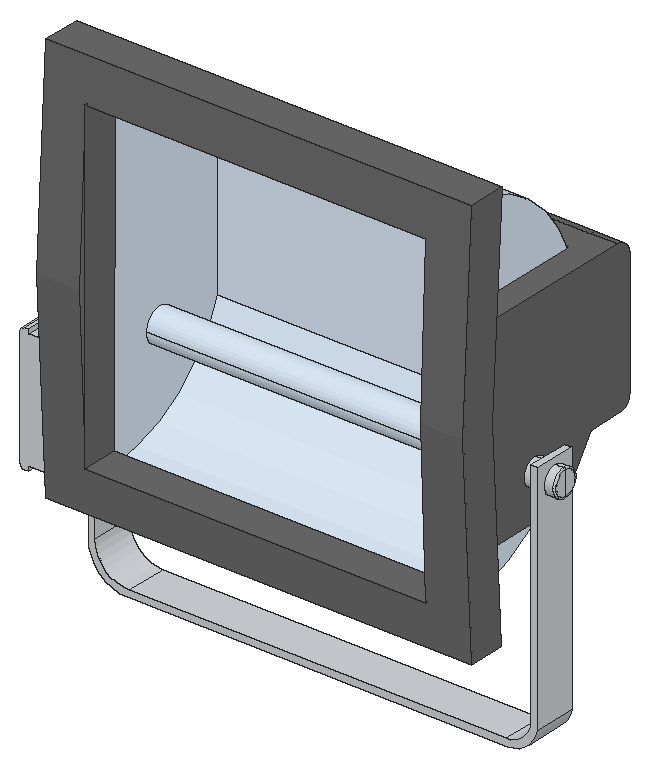
Revit family "Lighting-Proiezione-GEWISS-COLOSSEUM-PROIETTORI_OTTICA_SIMMETRICA", category Apparecchi per illuminazione, host Superficie, Revit 2019 (continued)
Definition of nested family "2D - COLOSSEUM - FRONTE"
  Lines and regions (mm)
    model lines, in view "Livello rif."
      curve 33: line (-266.551, 116.023, 0) -> (-266.503, 116.424, 0)
      curve 34: line (-266.503, 116.424, 0) -> (-266.487, 116.834, 0)
      curve 35: line (-266.487, 116.834, 0) -> (-266.487, 246.717, 0)
      curve 36: line (-266.487, 246.717, 0) -> (-266.616, 247.127, 0)
      curve 37: line (-266.616, 247.127, 0) -> (-266.664, 247.528, 0)
      curve 38: line (-266.664, 247.528, 0) -> (-266.742, 247.919, 0)
      curve 39: line (-266.742, 247.919, 0) -> (-266.849, 248.297, 0)
      curve 40: line (-266.849, 248.297, 0) -> (-266.984, 248.664, 0)
      curve 41: line (-266.984, 248.664, 0) -> (-267.145, 249.015, 0)
      curve 42: line (-267.145, 249.015, 0) -> (-267.332, 249.351, 0)
      curve 43: line (-267.332, 249.351, 0) -> (-267.543, 249.67, 0)
      curve 44: line (-267.543, 249.67, 0) -> (-267.776, 249.971, 0)
      curve 45: line (-267.776, 249.971, 0) -> (-268.031, 250.253, 0)
      curve 46: line (-268.031, 250.253, 0) -> (-268.306, 250.514, 0)
      curve 47: line (-268.306, 250.514, 0) -> (-268.6, 250.753, 0)
      curve 48: line (-268.6, 250.753, 0) -> (-268.912, 250.969, 0)
      curve 49: line (-268.912, 250.969, 0) -> (-269.24, 251.16, 0)
      curve 50: line (-269.24, 251.16, 0) -> (-269.584, 251.325, 0)
      curve 51: line (-269.584, 251.325, 0) -> (-269.941, 251.463, 0)
      curve 52: line (-269.941, 251.463, 0) -> (-270.311, 251.573, 0)
      curve 53: line (-270.311, 251.573, 0) -> (-270.693, 251.652, 0)
      curve 54: line (-270.693, 251.652, 0) -> (-271.085, 251.701, 0)
      curve 55: line (-271.085, 251.701, 0) -> (-271.485, 251.718, 0)
      curve 142: line (-192.974, 564.418, 0) -> (-192.974, 179.295, 0)
      curve 143: line (-192.974, 179.295, 0) -> (-192.942, 178.475, 0)
      curve 144: line (-192.942, 178.475, 0) -> (-192.847, 177.672, 0)
      curve 145: line (-192.847, 177.672, 0) -> (-192.691, 176.891, 0)
      curve 146: line (-192.691, 176.891, 0) -> (-192.477, 176.134, 0)
      curve 147: line (-192.477, 176.134, 0) -> (-192.207, 175.402, 0)
      curve 148: line (-192.207, 175.402, 0) -> (-191.884, 174.698, 0)
      curve 149: line (-191.884, 174.698, 0) -> (-191.511, 174.026, 0)
      curve 150: line (-191.511, 174.026, 0) -> (-191.09, 173.388, 0)
      curve 151: line (-191.09, 173.388, 0) -> (-190.623, 172.785, 0)
      curve 152: line (-190.623, 172.785, 0) -> (-190.113, 172.222, 0)
      curve 153: line (-190.113, 172.222, 0) -> (-189.563, 171.7, 0)
      curve 154: line (-189.563, 171.7, 0) -> (-188.974, 171.222, 0)
      curve 155: line (-188.974, 171.222, 0) -> (-188.351, 170.791, 0)
      curve 156: line (-188.351, 170.791, 0) -> (-187.694, 170.409, 0)
      curve 157: line (-187.694, 170.409, 0) -> (-187.007, 170.078, 0)
      curve 158: line (-187.007, 170.078, 0) -> (-186.292, 169.802, 0)
      curve 159: line (-186.292, 169.802, 0) -> (-185.552, 169.583, 0)
      curve 160: line (-185.552, 169.583, 0) -> (-184.788, 169.423, 0)
      curve 161: line (-184.788, 169.423, 0) -> (-184.005, 169.326, 0)
      curve 162: line (-184.005, 169.326, 0) -> (-183.203, 169.292, 0)
      curve 163: line (-183.203, 169.292, 0) -> (207.631, 169.292, 0)
      curve 164: line (207.631, 169.292, 0) -> (-183.203, 169.292, 0)
      curve 325: line (-276.247, 300.33, 0) -> (-276.408, 300.323, 0)
      curve 326: line (-278.176, 298.654, 0) -> (-278.195, 298.493, 0)
      curve 327: line (-278.195, 298.493, 0) -> (-278.201, 298.329, 0)
      curve 328: line (-278.201, 300.33, 0) -> (-278.201, 268.32, 0)
      curve 329: line (-278.201, 270.321, 0) -> (-278.195, 270.157, 0)
      curve 330: line (-278.195, 270.157, 0) -> (-278.176, 269.997, 0)
      curve 331: line (-276.408, 268.327, 0) -> (-276.247, 268.32, 0)
      curve 412: line (265.5, 306.831, 0) -> (265.5, 268.32, 0)
      curve 413: line (257.683, 316.834, 0) -> (257.683, 251.816, 0)
      curve 498: line (207.631, 169.292, 0) -> (208.433, 169.326, 0)
      curve 499: line (208.433, 169.326, 0) -> (209.216, 169.423, 0)
      curve 500: line (209.216, 169.423, 0) -> (209.979, 169.583, 0)
      curve 501: line (209.979, 169.583, 0) -> (210.72, 169.802, 0)
      curve 502: line (210.72, 169.802, 0) -> (211.435, 170.078, 0)
      curve 503: line (211.435, 170.078, 0) -> (212.122, 170.409, 0)
      curve 504: line (212.122, 170.409, 0) -> (212.778, 170.791, 0)
      curve 505: line (212.778, 170.791, 0) -> (213.402, 171.222, 0)
      curve 506: line (213.402, 171.222, 0) -> (213.99, 171.7, 0)
      curve 507: line (213.99, 171.7, 0) -> (214.54, 172.222, 0)
      curve 508: line (214.54, 172.222, 0) -> (215.05, 172.785, 0)
      curve 509: line (215.05, 172.785, 0) -> (215.517, 173.388, 0)
      curve 510: line (215.517, 173.388, 0) -> (215.938, 174.026, 0)
      curve 511: line (215.938, 174.026, 0) -> (216.312, 174.698, 0)
      curve 512: line (216.312, 174.698, 0) -> (216.634, 175.402, 0)
      curve 513: line (216.634, 175.402, 0) -> (216.904, 176.134, 0)
      curve 514: line (216.904, 176.134, 0) -> (217.118, 176.891, 0)
      curve 515: line (217.118, 176.891, 0) -> (217.274, 177.672, 0)
      curve 516: line (217.274, 177.672, 0) -> (217.37, 178.475, 0)
      curve 517: line (217.37, 178.475, 0) -> (217.402, 179.295, 0)
      curve 518: line (217.402, 179.295, 0) -> (217.402, 564.405, 0)
      curve 519: line (217.402, 564.405, 0) -> (217.37, 565.225, 0)
      curve 520: line (217.37, 565.225, 0) -> (217.274, 566.027, 0)
      curve 521: line (217.274, 566.027, 0) -> (217.118, 566.809, 0)
      curve 522: line (217.118, 566.809, 0) -> (216.904, 567.567, 0)
      curve 523: line (216.904, 567.567, 0) -> (216.634, 568.299, 0)
      curve 524: line (216.634, 568.299, 0) -> (216.312, 569.002, 0)
      curve 525: line (216.312, 569.002, 0) -> (215.938, 569.674, 0)
      curve 526: line (215.938, 569.674, 0) -> (215.517, 570.312, 0)
      curve 527: line (215.517, 570.312, 0) -> (215.05, 570.915, 0)
      curve 528: line (215.05, 570.915, 0) -> (214.54, 571.478, 0)
      curve 529: line (214.54, 571.478, 0) -> (213.99, 572, 0)
      curve 530: line (213.99, 572, 0) -> (213.402, 572.478, 0)
      curve 531: line (213.402, 572.478, 0) -> (212.778, 572.909, 0)
      curve 532: line (212.778, 572.909, 0) -> (212.122, 573.291, 0)
      curve 533: line (212.122, 573.291, 0) -> (211.435, 573.622, 0)
      curve 534: line (211.435, 573.622, 0) -> (210.72, 573.898, 0)
      curve 535: line (210.72, 573.898, 0) -> (209.979, 574.117, 0)
      curve 536: line (209.979, 574.117, 0) -> (209.216, 574.277, 0)
      curve 537: line (209.216, 574.277, 0) -> (208.433, 574.375, 0)
      curve 538: line (208.433, 574.375, 0) -> (207.631, 574.408, 0)
      curve 539: line (207.631, 574.408, 0) -> (-183.203, 574.408, 0)
      curve 540: line (-183.203, 574.408, 0) -> (-184.005, 574.375, 0)
      curve 541: line (-184.005, 574.375, 0) -> (-184.788, 574.277, 0)
      curve 542: line (-184.788, 574.277, 0) -> (-185.552, 574.117, 0)
      curve 543: line (-185.552, 574.117, 0) -> (-186.292, 573.898, 0)
      curve 544: line (-186.292, 573.898, 0) -> (-187.007, 573.622, 0)
      curve 545: line (-187.007, 573.622, 0) -> (-187.694, 573.291, 0)
      curve 546: line (-187.694, 573.291, 0) -> (-188.351, 572.909, 0)
      curve 547: line (-188.351, 572.909, 0) -> (-188.974, 572.478, 0)
      curve 548: line (-188.974, 572.478, 0) -> (-189.563, 572, 0)
      curve 549: line (-189.563, 572, 0) -> (-190.113, 571.478, 0)
      curve 550: line (-190.113, 571.478, 0) -> (-190.623, 570.915, 0)
      curve 551: line (-190.623, 570.915, 0) -> (-191.09, 570.312, 0)
      curve 552: line (-191.09, 570.312, 0) -> (-191.511, 569.674, 0)
      curve 553: line (-191.511, 569.674, 0) -> (-191.884, 569.002, 0)
      curve 554: line (-191.884, 569.002, 0) -> (-192.207, 568.299, 0)
      curve 555: line (-192.207, 568.299, 0) -> (-192.477, 567.567, 0)
      curve 556: line (-192.477, 567.567, 0) -> (-192.691, 566.809, 0)
      curve 557: line (-192.691, 566.809, 0) -> (-192.847, 566.027, 0)
      curve 558: line (-192.847, 566.027, 0) -> (-192.942, 565.225, 0)
      curve 559: line (-192.942, 565.225, 0) -> (-192.974, 564.418, 0)
      curve 560: line (278.175, 269.997, 0) -> (278.194, 270.157, 0)
      curve 561: line (278.194, 270.157, 0) -> (278.202, 270.321, 0)
      curve 562: line (278.202, 298.329, 0) -> (278.194, 298.493, 0)
      curve 563: line (278.194, 298.493, 0) -> (278.175, 298.654, 0)
      curve 564: line (276.407, 300.323, 0) -> (276.247, 300.329, 0)
      curve 645: line (-8.83, 394.839, 0) -> (11.849, 422.749, 0)
      curve 646: line (-20.057, 365.754, 0) -> (0.624, 393.664, 0)
      curve 647: line (-25.078, 386.318, 0) -> (-4.399, 414.228, 0)
      curve 648: line (8.6, 353.709, 0) -> (29.28, 381.619, 0)
      curve 649: line (25.735, 365.167, 0) -> (46.415, 393.076, 0)
    model lines, in view "Livello rif.", detail levels medium+fine
      curve 10: line (-306.549, 111.834, 0) -> (-306.549, 106.832, 0)
      curve 11: line (-306.549, 106.832, 0) -> (-280.168, 106.832, 0)
      curve 12: line (-306.549, 81.825, 0) -> (-280.168, 81.825, 0)
      curve 13: line (-305.082, 101.83, 0) -> (-281.632, 101.83, 0)
      curve 56: line (-298.848, 101.83, 0) -> (-298.848, 81.825, 0)
      curve 57: line (-287.867, 101.83, 0) -> (-287.867, 81.825, 0)
      curve 58: line (-293.358, 76.823, 0) -> (-293.358, 81.825, 0)
      curve 59: line (-293.358, 106.832, 0) -> (-293.358, 111.834, 0)
      curve 60: line (-159.265, 0, 0) -> (-159.265, 8.001, 0)
      curve 61: line (-172.944, 0, 0) -> (-172.944, 8.001, 0)
      curve 62: line (-142.333, 142.285, 0) -> (-142.399, 141.711, 0)
      curve 63: line (-142.399, 141.711, 0) -> (-142.589, 141.149, 0)
      curve 64: line (-142.589, 141.149, 0) -> (-142.893, 140.602, 0)
      curve 65: line (-142.893, 140.602, 0) -> (-143.301, 140.072, 0)
      curve 66: line (-143.301, 140.072, 0) -> (-143.802, 139.56, 0)
      curve 67: line (-143.802, 139.56, 0) -> (-144.387, 139.067, 0)
      curve 68: line (-144.387, 139.067, 0) -> (-145.044, 138.597, 0)
      curve 69: line (-145.044, 138.597, 0) -> (-145.763, 138.15, 0)
      curve 70: line (-145.763, 138.15, 0) -> (-146.535, 137.728, 0)
      curve 71: line (-146.535, 137.728, 0) -> (-147.348, 137.334, 0)
      curve 72: line (-147.348, 137.334, 0) -> (-148.193, 136.969, 0)
      curve 73: line (-148.193, 136.969, 0) -> (-149.059, 136.634, 0)
      curve 74: line (-149.059, 136.634, 0) -> (-149.935, 136.332, 0)
      curve 75: line (-149.935, 136.332, 0) -> (-150.813, 136.065, 0)
      curve 76: line (-150.813, 136.065, 0) -> (-151.68, 135.834, 0)
      curve 77: line (-151.68, 135.834, 0) -> (-152.527, 135.64, 0)
      curve 78: line (-152.527, 135.64, 0) -> (-153.344, 135.487, 0)
      curve 79: line (-153.344, 135.487, 0) -> (-154.12, 135.375, 0)
      curve 80: line (-154.12, 135.375, 0) -> (-154.844, 135.307, 0)
      curve 81: line (-154.844, 135.307, 0) -> (-155.507, 135.283, 0)
      curve 82: line (-155.507, 135.283, 0) -> (-156.165, 135.307, 0)
      curve 83: line (-156.165, 135.307, 0) -> (-156.872, 135.375, 0)
      curve 84: line (-156.872, 135.375, 0) -> (-157.622, 135.487, 0)
      curve 85: line (-157.622, 135.487, 0) -> (-158.404, 135.64, 0)
      curve 86: line (-158.404, 135.64, 0) -> (-159.209, 135.834, 0)
      curve 87: line (-159.209, 135.834, 0) -> (-160.029, 136.065, 0)
      curve 88: line (-160.029, 136.065, 0) -> (-160.854, 136.332, 0)
      curve 89: line (-160.854, 136.332, 0) -> (-161.674, 136.634, 0)
      curve 90: line (-161.674, 136.634, 0) -> (-162.482, 136.969, 0)
      curve 91: line (-162.482, 136.969, 0) -> (-163.267, 137.334, 0)
      curve 92: line (-163.267, 137.334, 0) -> (-164.02, 137.728, 0)
      curve 93: line (-164.02, 137.728, 0) -> (-164.733, 138.15, 0)
      curve 94: line (-164.733, 138.15, 0) -> (-165.397, 138.597, 0)
      curve 95: line (-165.397, 138.597, 0) -> (-166.001, 139.067, 0)
      curve 96: line (-166.001, 139.067, 0) -> (-166.538, 139.56, 0)
      curve 97: line (-166.538, 139.56, 0) -> (-166.997, 140.072, 0)
      curve 98: line (-166.997, 140.072, 0) -> (-167.371, 140.602, 0)
      curve 99: line (-167.371, 140.602, 0) -> (-167.648, 141.149, 0)
      curve 100: line (-167.648, 141.149, 0) -> (-167.822, 141.711, 0)
      curve 101: line (-167.822, 141.711, 0) -> (-167.882, 142.285, 0)
      curve 102: line (-167.882, 142.285, 0) -> (-167.822, 142.859, 0)
      curve 103: line (-167.822, 142.859, 0) -> (-167.648, 143.421, 0)
      curve 104: line (-167.648, 143.421, 0) -> (-167.371, 143.968, 0)
      curve 105: line (-167.371, 143.968, 0) -> (-166.997, 144.498, 0)
      curve 106: line (-166.997, 144.498, 0) -> (-166.538, 145.01, 0)
      curve 107: line (-166.538, 145.01, 0) -> (-166.001, 145.503, 0)
      curve 108: line (-166.001, 145.503, 0) -> (-165.397, 145.973, 0)
      curve 109: line (-165.397, 145.973, 0) -> (-164.733, 146.42, 0)
      curve 110: line (-164.733, 146.42, 0) -> (-164.02, 146.842, 0)
      curve 111: line (-164.02, 146.842, 0) -> (-163.267, 147.236, 0)
      curve 112: line (-163.267, 147.236, 0) -> (-162.482, 147.601, 0)
      curve 113: line (-162.482, 147.601, 0) -> (-161.674, 147.936, 0)
      curve 114: line (-161.674, 147.936, 0) -> (-160.854, 148.238, 0)
      curve 115: line (-160.854, 148.238, 0) -> (-160.029, 148.505, 0)
      curve 116: line (-160.029, 148.505, 0) -> (-159.209, 148.737, 0)
      curve 117: line (-159.209, 148.737, 0) -> (-158.404, 148.93, 0)
      curve 118: line (-158.404, 148.93, 0) -> (-157.622, 149.083, 0)
      curve 119: line (-157.622, 149.083, 0) -> (-156.872, 149.195, 0)
      curve 120: line (-156.872, 149.195, 0) -> (-156.165, 149.264, 0)
      curve 121: line (-156.165, 149.264, 0) -> (-155.507, 149.287, 0)
      curve 122: line (-155.507, 149.287, 0) -> (-154.844, 149.264, 0)
      curve 123: line (-154.844, 149.264, 0) -> (-154.12, 149.195, 0)
      curve 124: line (-154.12, 149.195, 0) -> (-153.344, 149.083, 0)
      curve 125: line (-153.344, 149.083, 0) -> (-152.527, 148.93, 0)
      curve 126: line (-152.527, 148.93, 0) -> (-151.68, 148.737, 0)
      curve 127: line (-151.68, 148.737, 0) -> (-150.813, 148.505, 0)
      curve 128: line (-150.813, 148.505, 0) -> (-149.935, 148.238, 0)
      curve 129: line (-149.935, 148.238, 0) -> (-149.059, 147.936, 0)
      curve 130: line (-149.059, 147.936, 0) -> (-148.193, 147.601, 0)
      curve 131: line (-148.193, 147.601, 0) -> (-147.348, 147.236, 0)
      curve 132: line (-147.348, 147.236, 0) -> (-146.535, 146.842, 0)
      curve 133: line (-146.535, 146.842, 0) -> (-145.763, 146.42, 0)
      curve 134: line (-145.763, 146.42, 0) -> (-145.044, 145.973, 0)
      curve 135: line (-145.044, 145.973, 0) -> (-144.387, 145.503, 0)
      curve 136: line (-144.387, 145.503, 0) -> (-143.802, 145.01, 0)
      curve 137: line (-143.802, 145.01, 0) -> (-143.301, 144.498, 0)
      curve 138: line (-143.301, 144.498, 0) -> (-142.893, 143.968, 0)
      curve 139: line (-142.893, 143.968, 0) -> (-142.589, 143.421, 0)
      curve 140: line (-142.589, 143.421, 0) -> (-142.399, 142.859, 0)
      curve 141: line (-142.399, 142.859, 0) -> (-142.333, 142.285, 0)
      curve 165: line (-290.973, 227.749, 0) -> (-291.527, 227.726, 0)
      curve 166: line (-291.527, 227.726, 0) -> (-292.07, 227.658, 0)
      curve 167: line (-292.07, 227.658, 0) -> (-292.598, 227.547, 0)
      curve 168: line (-292.598, 227.547, 0) -> (-293.11, 227.396, 0)
      curve 169: line (-293.11, 227.396, 0) -> (-293.605, 227.205, 0)
      curve 170: line (-293.605, 227.205, 0) -> (-294.08, 226.976, 0)
      curve 171: line (-294.08, 226.976, 0) -> (-294.535, 226.712, 0)
      curve 172: line (-294.535, 226.712, 0) -> (-294.966, 226.413, 0)
      curve 173: line (-294.966, 226.413, 0) -> (-295.373, 226.082, 0)
      curve 174: line (-295.373, 226.082, 0) -> (-295.754, 225.721, 0)
      curve 175: line (-295.754, 225.721, 0) -> (-296.107, 225.331, 0)
      curve 176: line (-296.107, 225.331, 0) -> (-296.43, 224.915, 0)
      curve 177: line (-296.43, 224.915, 0) -> (-296.722, 224.473, 0)
      curve 178: line (-296.722, 224.473, 0) -> (-296.98, 224.008, 0)
      curve 179: line (-296.98, 224.008, 0) -> (-297.203, 223.521, 0)
      curve 180: line (-297.203, 223.521, 0) -> (-297.39, 223.014, 0)
      curve 181: line (-297.39, 223.014, 0) -> (-297.538, 222.49, 0)
      curve 182: line (-297.538, 222.49, 0) -> (-297.646, 221.949, 0)
      curve 183: line (-297.646, 221.949, 0) -> (-297.712, 221.394, 0)
      curve 184: line (-297.712, 221.394, 0) -> (-297.735, 220.826, 0)
      curve 185: line (-297.735, 220.826, 0) -> (-297.712, 220.258, 0)
      curve 186: line (-297.712, 220.258, 0) -> (-297.646, 219.703, 0)
      curve 187: line (-297.646, 219.703, 0) -> (-297.538, 219.163, 0)
      curve 188: line (-297.538, 219.163, 0) -> (-297.39, 218.638, 0)
      curve 189: line (-297.39, 218.638, 0) -> (-297.203, 218.132, 0)
      curve 190: line (-297.203, 218.132, 0) -> (-296.98, 217.645, 0)
      curve 191: line (-296.98, 217.645, 0) -> (-296.722, 217.18, 0)
      curve 192: line (-296.722, 217.18, 0) -> (-296.43, 216.738, 0)
      curve 193: line (-296.43, 216.738, 0) -> (-296.107, 216.321, 0)
      curve 194: line (-296.107, 216.321, 0) -> (-295.754, 215.931, 0)
      curve 195: line (-295.754, 215.931, 0) -> (-295.373, 215.57, 0)
      curve 196: line (-295.373, 215.57, 0) -> (-294.966, 215.239, 0)
      curve 197: line (-294.966, 215.239, 0) -> (-294.535, 214.941, 0)
      curve 198: line (-294.535, 214.941, 0) -> (-294.08, 214.676, 0)
      curve 199: line (-294.08, 214.676, 0) -> (-293.605, 214.448, 0)
      curve 200: line (-293.605, 214.448, 0) -> (-293.11, 214.257, 0)
      curve 201: line (-293.11, 214.257, 0) -> (-292.598, 214.105, 0)
      curve 202: line (-292.598, 214.105, 0) -> (-292.07, 213.994, 0)
      curve 203: line (-292.07, 213.994, 0) -> (-291.527, 213.927, 0)
      curve 204: line (-291.527, 213.927, 0) -> (-290.973, 213.904, 0)
      curve 205: line (-290.973, 213.904, 0) -> (-290.418, 213.927, 0)
      curve 206: line (-290.418, 213.927, 0) -> (-289.876, 213.994, 0)
      curve 207: line (-289.876, 213.994, 0) -> (-289.348, 214.105, 0)
      curve 208: line (-289.348, 214.105, 0) -> (-288.836, 214.257, 0)
      curve 209: line (-288.836, 214.257, 0) -> (-288.341, 214.448, 0)
      curve 210: line (-288.341, 214.448, 0) -> (-287.865, 214.676, 0)
      curve 211: line (-287.865, 214.676, 0) -> (-287.411, 214.941, 0)
      curve 212: line (-287.411, 214.941, 0) -> (-286.979, 215.239, 0)
      curve 213: line (-286.979, 215.239, 0) -> (-286.572, 215.57, 0)
      curve 214: line (-286.572, 215.57, 0) -> (-286.191, 215.931, 0)
      curve 215: line (-286.191, 215.931, 0) -> (-285.839, 216.321, 0)
      curve 216: line (-285.839, 216.321, 0) -> (-285.516, 216.738, 0)
      curve 217: line (-285.516, 216.738, 0) -> (-285.224, 217.18, 0)
      curve 218: line (-285.224, 217.18, 0) -> (-284.966, 217.645, 0)
      curve 219: line (-284.966, 217.645, 0) -> (-284.742, 218.132, 0)
      curve 220: line (-284.742, 218.132, 0) -> (-284.556, 218.638, 0)
      curve 221: line (-284.556, 218.638, 0) -> (-284.407, 219.163, 0)
      curve 222: line (-284.407, 219.163, 0) -> (-284.299, 219.703, 0)
      curve 223: line (-284.299, 219.703, 0) -> (-284.233, 220.258, 0)
      curve 224: line (-284.233, 220.258, 0) -> (-284.211, 220.826, 0)
      curve 225: line (-284.211, 220.826, 0) -> (-284.233, 221.394, 0)
      curve 226: line (-284.233, 221.394, 0) -> (-284.299, 221.949, 0)
      curve 227: line (-284.299, 221.949, 0) -> (-284.407, 222.49, 0)
      curve 228: line (-284.407, 222.49, 0) -> (-284.556, 223.014, 0)
      curve 229: line (-284.556, 223.014, 0) -> (-284.742, 223.521, 0)
      curve 230: line (-284.742, 223.521, 0) -> (-284.966, 224.008, 0)
      curve 231: line (-284.966, 224.008, 0) -> (-285.224, 224.473, 0)
      curve 232: line (-285.224, 224.473, 0) -> (-285.516, 224.915, 0)
      curve 233: line (-285.516, 224.915, 0) -> (-285.839, 225.331, 0)
      curve 234: line (-285.839, 225.331, 0) -> (-286.191, 225.721, 0)
      curve 235: line (-286.191, 225.721, 0) -> (-286.572, 226.082, 0)
      curve 236: line (-286.572, 226.082, 0) -> (-286.979, 226.413, 0)
      curve 237: line (-286.979, 226.413, 0) -> (-287.411, 226.712, 0)
      curve 238: line (-287.411, 226.712, 0) -> (-287.865, 226.976, 0)
      curve 239: line (-287.865, 226.976, 0) -> (-288.341, 227.205, 0)
      curve 240: line (-288.341, 227.205, 0) -> (-288.836, 227.396, 0)
      curve 241: line (-288.836, 227.396, 0) -> (-289.348, 227.547, 0)
      curve 242: line (-289.348, 227.547, 0) -> (-289.876, 227.658, 0)
      curve 243: line (-289.876, 227.658, 0) -> (-290.418, 227.726, 0)
      curve 244: line (-290.418, 227.726, 0) -> (-290.973, 227.749, 0)
      curve 245: line (-290.973, 234.05, 0) -> (-292.032, 234.006, 0)
      curve 246: line (-292.032, 234.006, 0) -> (-293.068, 233.877, 0)
      curve 247: line (-293.068, 233.877, 0) -> (-294.077, 233.665, 0)
      curve 248: line (-294.077, 233.665, 0) -> (-295.055, 233.376, 0)
      curve 249: line (-295.055, 233.376, 0) -> (-296.001, 233.011, 0)
      curve 250: line (-296.001, 233.011, 0) -> (-296.909, 232.574, 0)
      curve 251: line (-296.909, 232.574, 0) -> (-297.777, 232.069, 0)
      curve 252: line (-297.777, 232.069, 0) -> (-298.601, 231.498, 0)
      curve 253: line (-298.601, 231.498, 0) -> (-299.379, 230.867, 0)
      curve 254: line (-299.379, 230.867, 0) -> (-300.106, 230.177, 0)
      curve 255: line (-300.106, 230.177, 0) -> (-300.78, 229.432, 0)
      curve 256: line (-300.78, 229.432, 0) -> (-301.397, 228.636, 0)
      curve 257: line (-301.397, 228.636, 0) -> (-301.954, 227.792, 0)
      curve 258: line (-301.954, 227.792, 0) -> (-302.448, 226.903, 0)
      curve 259: line (-302.448, 226.903, 0) -> (-302.874, 225.973, 0)
      curve 260: line (-302.874, 225.973, 0) -> (-303.231, 225.006, 0)
      curve 261: line (-303.231, 225.006, 0) -> (-303.514, 224.004, 0)
      curve 262: line (-303.514, 224.004, 0) -> (-303.72, 222.971, 0)
      curve 263: line (-303.72, 222.971, 0) -> (-303.847, 221.911, 0)
      curve 264: line (-303.847, 221.911, 0) -> (-303.889, 220.826, 0)
      curve 265: line (-303.889, 220.826, 0) -> (-303.847, 219.742, 0)
      curve 266: line (-303.847, 219.742, 0) -> (-303.72, 218.681, 0)
      curve 267: line (-303.72, 218.681, 0) -> (-303.514, 217.648, 0)
      curve 268: line (-303.514, 217.648, 0) -> (-303.231, 216.647, 0)
      curve 269: line (-303.231, 216.647, 0) -> (-302.874, 215.679, 0)
      curve 270: line (-302.874, 215.679, 0) -> (-302.448, 214.749, 0)
      curve 271: line (-302.448, 214.749, 0) -> (-301.954, 213.861, 0)
      curve 272: line (-301.954, 213.861, 0) -> (-301.397, 213.017, 0)
      curve 273: line (-301.397, 213.017, 0) -> (-300.78, 212.221, 0)
      curve 274: line (-300.78, 212.221, 0) -> (-300.106, 211.476, 0)
      curve 275: line (-300.106, 211.476, 0) -> (-299.379, 210.786, 0)
      curve 276: line (-299.379, 210.786, 0) -> (-298.601, 210.154, 0)
      curve 277: line (-298.601, 210.154, 0) -> (-297.777, 209.584, 0)
      curve 278: line (-297.777, 209.584, 0) -> (-296.909, 209.079, 0)
      curve 279: line (-296.909, 209.079, 0) -> (-296.001, 208.642, 0)
      curve 280: line (-296.001, 208.642, 0) -> (-295.055, 208.277, 0)
      curve 281: line (-295.055, 208.277, 0) -> (-294.077, 207.987, 0)
      curve 282: line (-294.077, 207.987, 0) -> (-293.068, 207.776, 0)
      curve 283: line (-293.068, 207.776, 0) -> (-292.032, 207.647, 0)
      curve 284: line (-292.032, 207.647, 0) -> (-290.973, 207.603, 0)
      curve 285: line (-290.973, 207.603, 0) -> (-289.913, 207.647, 0)
      curve 286: line (-289.913, 207.647, 0) -> (-288.878, 207.776, 0)
      curve 287: line (-288.878, 207.776, 0) -> (-287.869, 207.987, 0)
      curve 288: line (-287.869, 207.987, 0) -> (-286.89, 208.277, 0)
      curve 289: line (-286.89, 208.277, 0) -> (-285.945, 208.642, 0)
      curve 290: line (-285.945, 208.642, 0) -> (-285.037, 209.079, 0)
      curve 291: line (-285.037, 209.079, 0) -> (-284.169, 209.584, 0)
      curve 292: line (-284.169, 209.584, 0) -> (-283.344, 210.154, 0)
      curve 293: line (-283.344, 210.154, 0) -> (-282.567, 210.786, 0)
      curve 294: line (-282.567, 210.786, 0) -> (-281.839, 211.476, 0)
      curve 295: line (-281.839, 211.476, 0) -> (-281.166, 212.221, 0)
      curve 296: line (-281.166, 212.221, 0) -> (-280.548, 213.017, 0)
      curve 297: line (-280.548, 213.017, 0) -> (-279.991, 213.861, 0)
      curve 298: line (-279.991, 213.861, 0) -> (-279.498, 214.749, 0)
      curve 299: line (-279.498, 214.749, 0) -> (-279.071, 215.679, 0)
      curve 300: line (-279.071, 215.679, 0) -> (-278.715, 216.647, 0)
      curve 301: line (-278.715, 216.647, 0) -> (-278.432, 217.648, 0)
      curve 302: line (-278.432, 217.648, 0) -> (-278.225, 218.681, 0)
      curve 303: line (-278.225, 218.681, 0) -> (-278.099, 219.742, 0)
      curve 304: line (-278.099, 219.742, 0) -> (-278.056, 220.826, 0)
      curve 305: line (-278.056, 220.826, 0) -> (-278.099, 221.911, 0)
      curve 306: line (-278.099, 221.911, 0) -> (-278.225, 222.971, 0)
      curve 307: line (-278.225, 222.971, 0) -> (-278.432, 224.004, 0)
      curve 308: line (-278.432, 224.004, 0) -> (-278.715, 225.006, 0)
      curve 309: line (-278.715, 225.006, 0) -> (-279.071, 225.973, 0)
      curve 310: line (-279.071, 225.973, 0) -> (-279.498, 226.903, 0)
      curve 311: line (-279.498, 226.903, 0) -> (-279.991, 227.792, 0)
      curve 312: line (-279.991, 227.792, 0) -> (-280.548, 228.636, 0)
      curve 313: line (-280.548, 228.636, 0) -> (-281.166, 229.432, 0)
      curve 314: line (-281.166, 229.432, 0) -> (-281.839, 230.177, 0)
      curve 315: line (-281.839, 230.177, 0) -> (-282.567, 230.867, 0)
      curve 316: line (-282.567, 230.867, 0) -> (-283.344, 231.498, 0)
      curve 317: line (-283.344, 231.498, 0) -> (-284.169, 232.069, 0)
      curve 318: line (-284.169, 232.069, 0) -> (-285.037, 232.574, 0)
      curve 319: line (-285.037, 232.574, 0) -> (-285.945, 233.011, 0)
      curve 320: line (-285.945, 233.011, 0) -> (-286.89, 233.376, 0)
      curve 321: line (-286.89, 233.376, 0) -> (-287.869, 233.665, 0)
      curve 322: line (-287.869, 233.665, 0) -> (-288.878, 233.877, 0)
      curve 323: line (-288.878, 233.877, 0) -> (-289.913, 234.006, 0)
      curve 324: line (-289.913, 234.006, 0) -> (-290.973, 234.05, 0)
      curve 332: line (-238.898, 378.852, 0) -> (-238.337, 378.828, 0)
      curve 333: line (-238.337, 378.828, 0) -> (-237.789, 378.76, 0)
      curve 334: line (-237.789, 378.76, 0) -> (-237.254, 378.648, 0)
      curve 335: line (-237.254, 378.648, 0) -> (-236.736, 378.494, 0)
      curve 336: line (-236.736, 378.494, 0) -> (-236.236, 378.301, 0)
      curve 337: line (-236.236, 378.301, 0) -> (-235.755, 378.07, 0)
      curve 338: line (-235.755, 378.07, 0) -> (-235.295, 377.803, 0)
      curve 339: line (-235.295, 377.803, 0) -> (-234.858, 377.501, 0)
      curve 340: line (-234.858, 377.501, 0) -> (-234.447, 377.166, 0)
      curve 341: line (-234.447, 377.166, 0) -> (-234.061, 376.801, 0)
      curve 342: line (-234.061, 376.801, 0) -> (-233.705, 376.406, 0)
      curve 343: line (-233.705, 376.406, 0) -> (-233.378, 375.985, 0)
      curve 344: line (-233.378, 375.985, 0) -> (-233.083, 375.538, 0)
      curve 345: line (-233.083, 375.538, 0) -> (-232.822, 375.068, 0)
      curve 346: line (-232.822, 375.068, 0) -> (-232.596, 374.575, 0)
      curve 347: line (-232.596, 374.575, 0) -> (-232.407, 374.063, 0)
      curve 348: line (-232.407, 374.063, 0) -> (-232.257, 373.532, 0)
      curve 349: line (-232.257, 373.532, 0) -> (-232.148, 372.985, 0)
      curve 350: line (-232.148, 372.985, 0) -> (-232.081, 372.424, 0)
      curve 351: line (-232.081, 372.424, 0) -> (-232.058, 371.85, 0)
      curve 352: line (-232.058, 371.85, 0) -> (-232.081, 371.275, 0)
      curve 353: line (-232.081, 371.275, 0) -> (-232.148, 370.714, 0)
      curve 354: line (-232.148, 370.714, 0) -> (-232.257, 370.167, 0)
      curve 355: line (-232.257, 370.167, 0) -> (-232.407, 369.636, 0)
      curve 356: line (-232.407, 369.636, 0) -> (-232.596, 369.124, 0)
      curve 357: line (-232.596, 369.124, 0) -> (-232.822, 368.632, 0)
      curve 358: line (-232.822, 368.632, 0) -> (-233.083, 368.161, 0)
      curve 359: line (-233.083, 368.161, 0) -> (-233.378, 367.714, 0)
      curve 360: line (-233.378, 367.714, 0) -> (-233.705, 367.293, 0)
      curve 361: line (-233.705, 367.293, 0) -> (-234.061, 366.898, 0)
      curve 362: line (-234.061, 366.898, 0) -> (-234.447, 366.533, 0)
      curve 363: line (-234.447, 366.533, 0) -> (-234.858, 366.199, 0)
      curve 364: line (-234.858, 366.199, 0) -> (-235.295, 365.897, 0)
      curve 365: line (-235.295, 365.897, 0) -> (-235.755, 365.629, 0)
      curve 366: line (-235.755, 365.629, 0) -> (-236.236, 365.398, 0)
      curve 367: line (-236.236, 365.398, 0) -> (-236.736, 365.204, 0)
      curve 368: line (-236.736, 365.204, 0) -> (-237.254, 365.051, 0)
      curve 369: line (-237.254, 365.051, 0) -> (-237.789, 364.939, 0)
      curve 370: line (-237.789, 364.939, 0) -> (-238.337, 364.871, 0)
      curve 371: line (-238.337, 364.871, 0) -> (-238.898, 364.847, 0)
      curve 372: line (-238.898, 364.847, 0) -> (-239.459, 364.871, 0)
      curve 373: line (-239.459, 364.871, 0) -> (-240.007, 364.939, 0)
      curve 374: line (-240.007, 364.939, 0) -> (-240.542, 365.051, 0)
      curve 375: line (-240.542, 365.051, 0) -> (-241.06, 365.204, 0)
      curve 376: line (-241.06, 365.204, 0) -> (-241.56, 365.398, 0)
      curve 377: line (-241.56, 365.398, 0) -> (-242.041, 365.629, 0)
      curve 378: line (-242.041, 365.629, 0) -> (-242.501, 365.897, 0)
      curve 379: line (-242.501, 365.897, 0) -> (-242.937, 366.199, 0)
      curve 380: line (-242.937, 366.199, 0) -> (-243.349, 366.533, 0)
      curve 381: line (-243.349, 366.533, 0) -> (-243.734, 366.898, 0)
      curve 382: line (-243.734, 366.898, 0) -> (-244.091, 367.293, 0)
      curve 383: line (-244.091, 367.293, 0) -> (-244.418, 367.714, 0)
      curve 384: line (-244.418, 367.714, 0) -> (-244.712, 368.161, 0)
      curve 385: line (-244.712, 368.161, 0) -> (-244.974, 368.632, 0)
      curve 386: line (-244.974, 368.632, 0) -> (-245.2, 369.124, 0)
      curve 387: line (-245.2, 369.124, 0) -> (-245.388, 369.636, 0)
      curve 388: line (-245.388, 369.636, 0) -> (-245.538, 370.167, 0)
      curve 389: line (-245.538, 370.167, 0) -> (-245.648, 370.714, 0)
      curve 390: line (-245.648, 370.714, 0) -> (-245.715, 371.275, 0)
      curve 391: line (-245.715, 371.275, 0) -> (-245.737, 371.85, 0)
      curve 392: line (-245.737, 371.85, 0) -> (-245.715, 372.424, 0)
      curve 393: line (-245.715, 372.424, 0) -> (-245.648, 372.985, 0)
      curve 394: line (-245.648, 372.985, 0) -> (-245.538, 373.532, 0)
      curve 395: line (-245.538, 373.532, 0) -> (-245.388, 374.063, 0)
      curve 396: line (-245.388, 374.063, 0) -> (-245.2, 374.575, 0)
      curve 397: line (-245.2, 374.575, 0) -> (-244.974, 375.068, 0)
      curve 398: line (-244.974, 375.068, 0) -> (-244.712, 375.538, 0)
      curve 399: line (-244.712, 375.538, 0) -> (-244.418, 375.985, 0)
      curve 400: line (-244.418, 375.985, 0) -> (-244.091, 376.406, 0)
      curve 401: line (-244.091, 376.406, 0) -> (-243.734, 376.801, 0)
      curve 402: line (-243.734, 376.801, 0) -> (-243.349, 377.166, 0)
      curve 403: line (-243.349, 377.166, 0) -> (-242.937, 377.501, 0)
      curve 404: line (-242.937, 377.501, 0) -> (-242.501, 377.803, 0)
      curve 405: line (-242.501, 377.803, 0) -> (-242.041, 378.07, 0)
      curve 406: line (-242.041, 378.07, 0) -> (-241.56, 378.301, 0)
      curve 407: line (-241.56, 378.301, 0) -> (-241.06, 378.494, 0)
      curve 408: line (-241.06, 378.494, 0) -> (-240.542, 378.648, 0)
      curve 409: line (-240.542, 378.648, 0) -> (-240.007, 378.76, 0)
      curve 410: line (-240.007, 378.76, 0) -> (-239.459, 378.828, 0)
      curve 411: line (-239.459, 378.828, 0) -> (-238.898, 378.852, 0)
      curve 414: line (-6.839, 0, 0) -> (-6.839, 8.001, 0)
      curve 415: line (6.84, 0, 0) -> (6.84, 8.001, 0)
      curve 416: line (172.945, 0, 0) -> (172.945, 8.001, 0)
      curve 417: line (159.265, 0, 0) -> (159.265, 8.001, 0)
      curve 418: line (189.874, 142.285, 0) -> (189.808, 141.711, 0)
      curve 419: line (189.808, 141.711, 0) -> (189.618, 141.149, 0)
      curve 420: line (189.618, 141.149, 0) -> (189.314, 140.602, 0)
      curve 421: line (189.314, 140.602, 0) -> (188.906, 140.072, 0)
      curve 422: line (188.906, 140.072, 0) -> (188.405, 139.56, 0)
      curve 423: line (188.405, 139.56, 0) -> (187.821, 139.067, 0)
      curve 424: line (187.821, 139.067, 0) -> (187.163, 138.597, 0)
      curve 425: line (187.163, 138.597, 0) -> (186.444, 138.15, 0)
      curve 426: line (186.444, 138.15, 0) -> (185.672, 137.728, 0)
      curve 427: line (185.672, 137.728, 0) -> (184.859, 137.334, 0)
      curve 428: line (184.859, 137.334, 0) -> (184.014, 136.969, 0)
      curve 429: line (184.014, 136.969, 0) -> (183.148, 136.634, 0)
      curve 430: line (183.148, 136.634, 0) -> (182.272, 136.332, 0)
      curve 431: line (182.272, 136.332, 0) -> (181.395, 136.065, 0)
      curve 432: line (181.395, 136.065, 0) -> (180.527, 135.834, 0)
      curve 433: line (180.527, 135.834, 0) -> (179.68, 135.64, 0)
      curve 434: line (179.68, 135.64, 0) -> (178.864, 135.487, 0)
      curve 435: line (178.864, 135.487, 0) -> (178.088, 135.375, 0)
      curve 436: line (178.088, 135.375, 0) -> (177.363, 135.307, 0)
      curve 437: line (177.363, 135.307, 0) -> (176.7, 135.283, 0)
      curve 438: line (176.7, 135.283, 0) -> (176.043, 135.307, 0)
      curve 439: line (176.043, 135.307, 0) -> (175.335, 135.375, 0)
      curve 440: line (175.335, 135.375, 0) -> (174.585, 135.487, 0)
      curve 441: line (174.585, 135.487, 0) -> (173.803, 135.64, 0)
      curve 442: line (173.803, 135.64, 0) -> (172.998, 135.834, 0)
      curve 443: line (172.998, 135.834, 0) -> (172.178, 136.065, 0)
      curve 444: line (172.178, 136.065, 0) -> (171.353, 136.332, 0)
      curve 445: line (171.353, 136.332, 0) -> (170.533, 136.634, 0)
      curve 446: line (170.533, 136.634, 0) -> (169.725, 136.969, 0)
      curve 447: line (169.725, 136.969, 0) -> (168.94, 137.334, 0)
      curve 448: line (168.94, 137.334, 0) -> (168.187, 137.728, 0)
      curve 449: line (168.187, 137.728, 0) -> (167.474, 138.15, 0)
      curve 450: line (167.474, 138.15, 0) -> (166.81, 138.597, 0)
      curve 451: line (166.81, 138.597, 0) -> (166.206, 139.067, 0)
      curve 452: line (166.206, 139.067, 0) -> (165.669, 139.56, 0)
      curve 453: line (165.669, 139.56, 0) -> (165.21, 140.072, 0)
      curve 454: line (165.21, 140.072, 0) -> (164.836, 140.602, 0)
      curve 455: line (164.836, 140.602, 0) -> (164.558, 141.149, 0)
      curve 456: line (164.558, 141.149, 0) -> (164.385, 141.711, 0)
      curve 457: line (164.385, 141.711, 0) -> (164.325, 142.285, 0)
      curve 458: line (164.325, 142.285, 0) -> (164.385, 142.859, 0)
      curve 459: line (164.385, 142.859, 0) -> (164.558, 143.421, 0)
      curve 460: line (164.558, 143.421, 0) -> (164.836, 143.968, 0)
      curve 461: line (164.836, 143.968, 0) -> (165.21, 144.498, 0)
      curve 462: line (165.21, 144.498, 0) -> (165.669, 145.01, 0)
      curve 463: line (165.669, 145.01, 0) -> (166.206, 145.503, 0)
      curve 464: line (166.206, 145.503, 0) -> (166.81, 145.973, 0)
      curve 465: line (166.81, 145.973, 0) -> (167.474, 146.42, 0)
      curve 466: line (167.474, 146.42, 0) -> (168.187, 146.842, 0)
      curve 467: line (168.187, 146.842, 0) -> (168.94, 147.236, 0)
      curve 468: line (168.94, 147.236, 0) -> (169.725, 147.601, 0)
      curve 469: line (169.725, 147.601, 0) -> (170.533, 147.936, 0)
      curve 470: line (170.533, 147.936, 0) -> (171.353, 148.238, 0)
      curve 471: line (171.353, 148.238, 0) -> (172.178, 148.505, 0)
      curve 472: line (172.178, 148.505, 0) -> (172.998, 148.737, 0)
      curve 473: line (172.998, 148.737, 0) -> (173.803, 148.93, 0)
      curve 474: line (173.803, 148.93, 0) -> (174.585, 149.083, 0)
      curve 475: line (174.585, 149.083, 0) -> (175.335, 149.195, 0)
      curve 476: line (175.335, 149.195, 0) -> (176.043, 149.264, 0)
      curve 477: line (176.043, 149.264, 0) -> (176.7, 149.287, 0)
      curve 478: line (176.7, 149.287, 0) -> (177.363, 149.264, 0)
      curve 479: line (177.363, 149.264, 0) -> (178.088, 149.195, 0)
      curve 480: line (178.088, 149.195, 0) -> (178.864, 149.083, 0)
      curve 481: line (178.864, 149.083, 0) -> (179.68, 148.93, 0)
      curve 482: line (179.68, 148.93, 0) -> (180.527, 148.737, 0)
      curve 483: line (180.527, 148.737, 0) -> (181.395, 148.505, 0)
      curve 484: line (181.395, 148.505, 0) -> (182.272, 148.238, 0)
      curve 485: line (182.272, 148.238, 0) -> (183.148, 147.936, 0)
      curve 486: line (183.148, 147.936, 0) -> (184.014, 147.601, 0)
      curve 487: line (184.014, 147.601, 0) -> (184.859, 147.236, 0)
      curve 488: line (184.859, 147.236, 0) -> (185.672, 146.842, 0)
      curve 489: line (185.672, 146.842, 0) -> (186.444, 146.42, 0)
      curve 490: line (186.444, 146.42, 0) -> (187.163, 145.973, 0)
      curve 491: line (187.163, 145.973, 0) -> (187.821, 145.503, 0)
      curve 492: line (187.821, 145.503, 0) -> (188.405, 145.01, 0)
      curve 493: line (188.405, 145.01, 0) -> (188.906, 144.498, 0)
      curve 494: line (188.906, 144.498, 0) -> (189.314, 143.968, 0)
      curve 495: line (189.314, 143.968, 0) -> (189.618, 143.421, 0)
      curve 496: line (189.618, 143.421, 0) -> (189.808, 142.859, 0)
      curve 497: line (189.808, 142.859, 0) -> (189.874, 142.285, 0)
      curve 565: line (245.738, 371.85, 0) -> (245.715, 371.275, 0)
      curve 566: line (245.715, 371.275, 0) -> (245.648, 370.714, 0)
      curve 567: line (245.648, 370.714, 0) -> (245.539, 370.167, 0)
      curve 568: line (245.539, 370.167, 0) -> (245.389, 369.636, 0)
      curve 569: line (245.389, 369.636, 0) -> (245.2, 369.124, 0)
      curve 570: line (245.2, 369.124, 0) -> (244.974, 368.632, 0)
      curve 571: line (244.974, 368.632, 0) -> (244.713, 368.161, 0)
      curve 572: line (244.713, 368.161, 0) -> (244.418, 367.714, 0)
      curve 573: line (244.418, 367.714, 0) -> (244.091, 367.293, 0)
      curve 574: line (244.091, 367.293, 0) -> (243.734, 366.898, 0)
      curve 575: line (243.734, 366.898, 0) -> (243.349, 366.533, 0)
      curve 576: line (243.349, 366.533, 0) -> (242.937, 366.199, 0)
      curve 577: line (242.937, 366.199, 0) -> (242.501, 365.897, 0)
      curve 578: line (242.501, 365.897, 0) -> (242.041, 365.629, 0)
      curve 579: line (242.041, 365.629, 0) -> (241.561, 365.398, 0)
      curve 580: line (241.561, 365.398, 0) -> (241.06, 365.204, 0)
      curve 581: line (241.06, 365.204, 0) -> (240.542, 365.051, 0)
      curve 582: line (240.542, 365.051, 0) -> (240.008, 364.939, 0)
      curve 583: line (240.008, 364.939, 0) -> (239.459, 364.871, 0)
      curve 584: line (239.459, 364.871, 0) -> (238.898, 364.847, 0)
      curve 585: line (238.898, 364.847, 0) -> (238.337, 364.871, 0)
      curve 586: line (238.337, 364.871, 0) -> (237.789, 364.939, 0)
      curve 587: line (237.789, 364.939, 0) -> (237.255, 365.051, 0)
      curve 588: line (237.255, 365.051, 0) -> (236.736, 365.204, 0)
      curve 589: line (236.736, 365.204, 0) -> (236.236, 365.398, 0)
      curve 590: line (236.236, 365.398, 0) -> (235.755, 365.629, 0)
      curve 591: line (235.755, 365.629, 0) -> (235.295, 365.897, 0)
      curve 592: line (235.295, 365.897, 0) -> (234.859, 366.199, 0)
      curve 593: line (234.859, 366.199, 0) -> (234.447, 366.533, 0)
      curve 594: line (234.447, 366.533, 0) -> (234.062, 366.898, 0)
      curve 595: line (234.062, 366.898, 0) -> (233.705, 367.293, 0)
      curve 596: line (233.705, 367.293, 0) -> (233.378, 367.714, 0)
      curve 597: line (233.378, 367.714, 0) -> (233.083, 368.161, 0)
      curve 598: line (233.083, 368.161, 0) -> (232.822, 368.632, 0)
      curve 599: line (232.822, 368.632, 0) -> (232.596, 369.124, 0)
      curve 600: line (232.596, 369.124, 0) -> (232.407, 369.636, 0)
      curve 601: line (232.407, 369.636, 0) -> (232.257, 370.167, 0)
      curve 602: line (232.257, 370.167, 0) -> (232.148, 370.714, 0)
      curve 603: line (232.148, 370.714, 0) -> (232.081, 371.275, 0)
      curve 604: line (232.081, 371.275, 0) -> (232.059, 371.85, 0)
      curve 605: line (232.059, 371.85, 0) -> (232.081, 372.424, 0)
      curve 606: line (232.081, 372.424, 0) -> (232.148, 372.985, 0)
      curve 607: line (232.148, 372.985, 0) -> (232.257, 373.532, 0)
      curve 608: line (232.257, 373.532, 0) -> (232.407, 374.063, 0)
      curve 609: line (232.407, 374.063, 0) -> (232.596, 374.575, 0)
      curve 610: line (232.596, 374.575, 0) -> (232.822, 375.068, 0)
      curve 611: line (232.822, 375.068, 0) -> (233.083, 375.538, 0)
      curve 612: line (233.083, 375.538, 0) -> (233.378, 375.985, 0)
      curve 613: line (233.378, 375.985, 0) -> (233.705, 376.406, 0)
      curve 614: line (233.705, 376.406, 0) -> (234.062, 376.801, 0)
      curve 615: line (234.062, 376.801, 0) -> (234.447, 377.166, 0)
      curve 616: line (234.447, 377.166, 0) -> (234.859, 377.501, 0)
      curve 617: line (234.859, 377.501, 0) -> (235.295, 377.803, 0)
      curve 618: line (235.295, 377.803, 0) -> (235.755, 378.07, 0)
      curve 619: line (235.755, 378.07, 0) -> (236.236, 378.301, 0)
      curve 620: line (236.236, 378.301, 0) -> (236.736, 378.494, 0)
      curve 621: line (236.736, 378.494, 0) -> (237.255, 378.648, 0)
      curve 622: line (237.255, 378.648, 0) -> (237.789, 378.76, 0)
      curve 623: line (237.789, 378.76, 0) -> (238.337, 378.828, 0)
      curve 624: line (238.337, 378.828, 0) -> (238.898, 378.852, 0)
      curve 625: line (238.898, 378.852, 0) -> (239.459, 378.828, 0)
      curve 626: line (239.459, 378.828, 0) -> (240.008, 378.76, 0)
      curve 627: line (240.008, 378.76, 0) -> (240.542, 378.648, 0)
      curve 628: line (240.542, 378.648, 0) -> (241.06, 378.494, 0)
      curve 629: line (241.06, 378.494, 0) -> (241.561, 378.301, 0)
      curve 630: line (241.561, 378.301, 0) -> (242.041, 378.07, 0)
      curve 631: line (242.041, 378.07, 0) -> (242.501, 377.803, 0)
      curve 632: line (242.501, 377.803, 0) -> (242.937, 377.501, 0)
      curve 633: line (242.937, 377.501, 0) -> (243.349, 377.166, 0)
      curve 634: line (243.349, 377.166, 0) -> (243.734, 376.801, 0)
      curve 635: line (243.734, 376.801, 0) -> (244.091, 376.406, 0)
      curve 636: line (244.091, 376.406, 0) -> (244.418, 375.985, 0)
      curve 637: line (244.418, 375.985, 0) -> (244.713, 375.538, 0)
      curve 638: line (244.713, 375.538, 0) -> (244.974, 375.068, 0)
      curve 639: line (244.974, 375.068, 0) -> (245.2, 374.575, 0)
      curve 640: line (245.2, 374.575, 0) -> (245.389, 374.063, 0)
      curve 641: line (245.389, 374.063, 0) -> (245.539, 373.532, 0)
      curve 642: line (245.539, 373.532, 0) -> (245.648, 372.985, 0)
      curve 643: line (245.648, 372.985, 0) -> (245.715, 372.424, 0)
      curve 644: line (245.715, 372.424, 0) -> (245.738, 371.85, 0)
    detail lines, in view "Livello rif."
      curve 650: line (-265.5, 300.33, 0) -> (-265.5, 268.32, 0)
      curve 651: line (-257.682, 306.831, 0) -> (-257.682, 251.831, 0)
Definition of nested family "ETICHETTA LIGHT"
  Parameters (values of type "ETICHETTA LIGHT")
    COMMENTI = ""
  Reference planes
    plane 1: y = 0
    plane 2: x = 0
  Text (mm)
    label "COMMENTI" at (-0.057, 0.105, 0), shows "COMMENTI"
Types (9, lengths in mm): name | Scheda Tecnica | Potenza lampada | Peso (kg): | Peso (kg) | Ottica | Modello | Lampada: | Lampada | IDT | Descrizione | Corrente lampada: | Corrente lampada | Codice EAN | Carico apparente | Attacco lampada
  GW84646 - COLOSSEUM SIM. DIF. 600W ST E40 | "https://www.gewiss.com/it/it/search?q=GW84646" | "600W" | "16" | "16" | "Simmetrica diffondente - ULOR: 0%" | "GW84646" | "ST" | "ST" | "3174ec9a-65e0-48e3-9eb5-0f869c797474" | "COLOSSEUM OTTICA SIMMETRICA DIFFONDENTE 600W ST E40" | "6,2A" | "6,2A" | "8011564073418" | 600 VA | "E40"
  GW84647 - COLOSSEUM SIM. DIF. 1000W MT/ST E40 | "https://www.gewiss.com/it/it/search?q=GW84647" | "1000W" | "16" | "16" | "Simmetrica diffondente - ULOR: 0%" | "GW84647" | "MT/ST" | "MT/ST" | "9079ad04-ac3a-4f0e-b551-837707205473" | "COLOSSEUM OTTICA SIMMETRICA DIFFONDENTE 1000W MT/ST E40" | "9,5-10,3A" | "9,5-10,3A" | "8011564073425" | 1000 VA | "E40"
  GW84648 - COLOSSEUM SIM. DIF. 1000W MT 1kV E40 | "https://www.gewiss.com/it/it/search?q=GW84648" | "1000W" | "15,7" | "15,7" | "Simmetrica diffondente - ULOR: 0%" | "GW84648" | "MT*" | "MT" | "068f4456-08a9-4198-8dc1-1ea96b84582c" | "COLOSSEUM OTTICA SIMMETRICA DIFFONDENTE 1000W MT 1kV E40" | "8,25A" | "8,25A" | "8011564073432" | 1000 VA | "E40"
  GW84649 - COLOSSEUM SIM. DIF. 1000W MN X528/CAVO | "https://www.gewiss.com/it/it/search?q=GW84649" | "1000W" | "16,4" | "16,4" | "Simmetrica diffondente - ULOR: 0%" | "GW84649" | "MN" | "MN" | "e3fb4f7b-269b-4903-8aa9-695488925831" | "COLOSSEUM OTTICA SIMMETRICA DIFFONDENTE 1000W MN X528/CAVO" | "9,5A" | "9,5A" | "8011564222113" | 1000 VA | "X528/Cavo"
  GW84644 - COLOSSEUM SIM. DIF. 2000W MN X528/CAVO | "https://www.gewiss.com/it/it/search?q=GW84644" | "2000W" | "16,4" | "16,4" | "Simmetrica diffondente - ULOR: 0%" | "GW84644" | "MN" | "MN" | "2baf24af-52e2-4ed0-b536-3ab7272eaf41" | "COLOSSEUM OTTICA SIMMETRICA DIFFONDENTE 2000W MN X528/CAVO" | "10,3A" | "10,3A" | "8011564065666" | 2000 VA | "X528/Cavo"
  GW84747 - COLOSSEUM SIM. CON. 1000W MT/ST E40 | "https://www.gewiss.com/it/it/search?q=GW84747" | "1000W" | "16" | "16" | "Simmetrica concentrante - ULOR: 0%" | "GW84747" | "MT/ST" | "MT/ST" | "f43f229e-a26a-4633-aafb-1897fa969cdc" | "COLOSSEUM OTTICA SIMMETRICA CONCENTRANTE 1000W MT/ST E40" | "9,5-10,3A" | "9,5-10,3A" | "8011564099920" | 1000 VA | "E40"
  GW84748 - COLOSSEUM SIM. CON. 1000W MT 1kV E40 | "https://www.gewiss.com/it/it/search?q=GW84748" | "1000W" | "15,7" | "15,7" | "Simmetrica concentrante - ULOR: 0%" | "GW84748" | "MT*" | "MT" | "6c47f2d8-6960-4c02-889b-61d29dcdf373" | "COLOSSEUM OTTICA SIMMETRICA CONCENTRANTE 1000W MT 1kV E40" | "8,25A" | "8,25A" | "8011564099937" | 1000 VA | "E40"
  GW84749 - COLOSSEUM SIM. CON. 1000W MN X528/CAVO | "https://www.gewiss.com/it/it/search?q=GW84749" | "1000W" | "16,4" | "16,4" | "Simmetrica concentrante - ULOR: 0%" | "GW84749" | "MN" | "MN" | "6b9f3446-ced1-4bc8-a992-025224990d23" | "COLOSSEUM OTTICA SIMMETRICA CONCENTRANTE 1000W MN X528/CAVO" | "9,5A" | "9,5A" | "8011564222120" | 1000 VA | "X528/Cavo"
  GW84744 - COLOSSEUM SIM. CON. 2000W MN X528/CAVO | "https://www.gewiss.com/it/it/search?q=GW84744" | "2000W" | "16,4" | "16,4" | "Simmetrica concentrante - ULOR: 0%" | "GW84744" | "MN" | "MN" | "d782a210-7aaa-4d52-adef-e9685269691d" | "COLOSSEUM OTTICA SIMMETRICA CONCENTRANTE 2000W MN X528/CAVO" | "10,3A" | "10,3A" | "8011564099944" | 2000 VA | "X528/Cavo"
